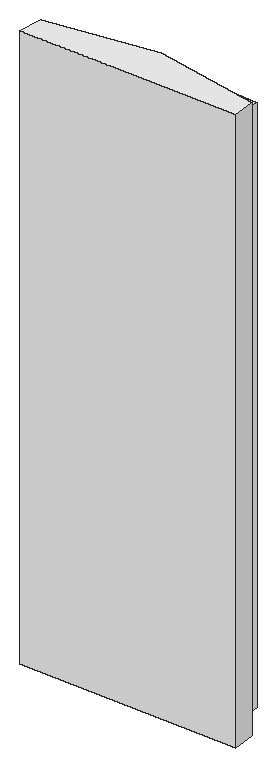
Revit family "JC KONTAKTER JCK109 Armbågskontakt", category Specialty Equipment, host Wall, Revit 2025
Family settings
  Host = Wall
  Round Connector Dimension = Use Diameter
  Part Type = Normal
  Enable Cutting in Views = Yes
  Always vertical = Yes
  Cut with Voids When Loaded = No
  Maintain Annotation Orientation = No
  Shared = No
  Room Calculation Point = No
Parameters (values of type "Armbågskontakt JCK109")
  URL = "https://jckontakter.se/produkt/armbagskontakter/armbagskontakt-jck109/"
  Tillverkningsland = "Sverige"
  Tillvalsförteckning = "https://jckontakter.se/wp-content/uploads/sites/2/Tillval_metall_2024.pdf"
  Tekniskt produktblad = "https://jckontakter.se/wp-content/uploads/2019/06/JCK109.pdf"
  Produktvikt = "0.216 kg"
  Placering av armbågskontakt = "https://jckontakter.se/start/nyheter-och-information/armbagskontakter-placering-riktlinjer/"
  Nominell märkström = "12 V - Resistive 6A Inductive L/R 5ms 6A, 24 V - Resistive 6A Inductive L/R 5ms 5A"
  Model = "JCK109"  # constant formula
  Mikrobrytare = "Standard NO IP67"
  Manufacturer = "JC Kontakter"  # constant formula
  Lägsta märkström = "1mA/4 V DC"
  Core Finish = ABS 750SW (Vit)
  Keynote = ""
  Lid Finish = ABS 750SW (Vit)
  Description = "Robust armbågskontakt i tålig ABS-plast, med vitt lock och vit underdel.\r\nJCK109 levereras med 1st mikrobrytare i IP67, men går även att beställa med fler."  # constant formula
  Default Elevation = 0 mm
  CE Dokument = "https://jckontakter.se/wp-content/uploads/CE_Dokument.pdf"
  Assembly Code = ""
  Antal mikrobrytare = 1
Reference planes
  plane 1 "Wall": y = 0
  plane 2 "Center (Left/Right)": x = 125
  plane 3 "Back": y = 75
  plane 4 "A": z = 800
Lines and regions (mm)
  Masking region 1
    outline origin (0, 0, -100) x (1, 0, 0) y (0, 0, 1)
      loop
        line (175, 1145) -> (75, 1145) -> (75, 900) -> (175, 900) -> (175, 1145)
  symbolic lines
    curve 1: line (75, 125, 0) -> (175, 125, 0)
    curve 2: line (75, 75, 0) -> (75, 125, 0)
    curve 3: line (175, 75, 0) -> (75, 75, 0)
    curve 4: line (175, 125, 0) -> (175, 75, 0)
    curve 5: line (175, 0, 1045) -> (75, 0, 1045)
    curve 6: line (175, 0, 800) -> (175, 0, 1045)
    curve 7: line (75, 0, 800) -> (175, 0, 800)
    curve 8: line (75, 0, 1045) -> (75, 0, 800)
Text (mm)
  text "Placement Side" at (-1848.837, 1116.779, 0), in view "Ref. Level"
  text "Placement side" at (0, 1409.804, 2854.306), in view "Left"
  text "Placement side" at (0, 499.811, 2980.732), in view "Right"
Dimensions and locks
  locked: plane 3 "Back" to host wall
  locked: curve 3 to curve 1 at 50
  aligned and locked: plane 1 "Wall" to host wall
  aligned and locked: nested 1 to plane 3 "Back"
  aligned and locked: curve 3 to plane 3 "Back"
  aligned and locked: plane 4 "A" to curve 7
  aligned and locked: curve 6 to Masking region 1
  aligned and locked: Masking region 1 to curve 8
Nested families
  nested 1: "AK_109" at (125, 75, 800) x (-1, 0, 0) z (0, 0, 1), type "AK_109", detail levels medium+fine
Definition of nested family "AK_109"
  Parameters (values of type "AK_109")
    URL = "https://jckontakter.se/produkt/armbagskontakter/armbagskontakt-jck109/"
    Model = "JCK109"  # constant formula
    Manufacturer = "JC Kontakter"  # constant formula
    Lid Finish = none
    Core Finish = none
    Description = "Robust armbågskontakt i tålig ABS-plast, med vitt lock och vit underdel.\r\nJCK109 levereras med 1st mikrobrytare i IP67, men går även att beställa med fler."  # constant formula
    Default Elevation = 0 mm
  Reference planes
    plane 1 "Center (Front/Back)": y = 0
    plane 2: z = 0
    plane 3 "Center (Left/Right)": x = 0
    plane 4 "1": x = 47.5
    plane 5 "A": z = 5
    plane 6 "B": z = 245
  Forms (mm)
    Extrusion 1, solid, material <- "Core Finish"
      sketch origin (0, 0, 0) x (1, 0, 0) y (0, 1, 0)
        loop
          line (-47.5, 0) -> (-46.5, -10) -> (0, -18) -> (46.5, -10) -> (47.5, 0) -> (-47.5, 0)
      from 0 to 250
    Extrusion 2, void
      sketch origin (0, 0, 0) x (1, 0, 0) y (0, 1, 0)
        loop
          line (-42.5, -4) -> (-42.5, -18.223) -> (42.5, -18.223) -> (42.5, -4) -> (-42.5, -4)
      from 5 to 245
    Extrusion 3, solid, material <- "Lid Finish"
      sketch origin (0, 0, 5) x (-1, 0, 0) y (0, -1, 0)
        loop
          line (-42, 6) -> (42, 6) -> (41.473, 18.808) -> (-26.802, 21.808) -> (-41.637, 14.808) -> (-42, 6)
      from 0.5 to 239.5
  Cuts and joins
    Extrusion 2 cuts Extrusion 1
  Dimensions and locks
    aligned and locked: level to plane 2
